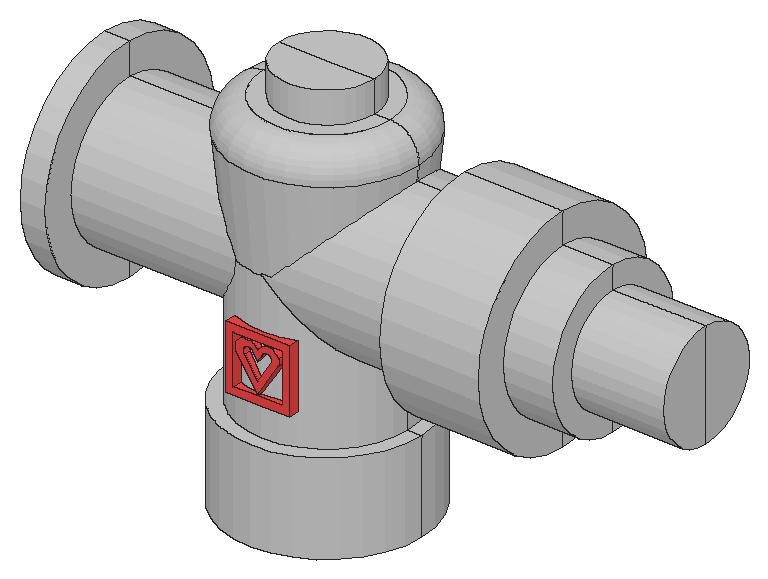
Revit family "HERZ-TS-98-VH Thermostatic Valve Reverse Angle Model 7628", category Rohrzubehör, Revit 2020
Family settings
  Bemaßung runder Anschluss = Durchmesser verwenden
  Teiletyp = Unterbricht
  OmniClass-Nummer = 23.65.55.14
  OmniClass-Titel = Valves for Liquid Services
  Arbeitsebenenbasiert = Nein
  Immer vertikal = Ja
  Beim Laden mit Abzugskörper schneiden = Nein
  Gemeinsam genutzt = Nein
Parameters
  Vorgabe-Ansicht = 0.000 mm
  URL = "www.herzvalves.com"
  Screw cap = "plastic, light grey"  # constant formula
  SCRNSEQ = "ARM;ARM_TYP=\"ALLF\";2"
  SCRNCODE = "05;00;02"  # constant formula
  S02 = L06 + L07 - L03  # 26.800 mm
  S01 = 10.000 mm  # constant formula
  R06 = 4.000 mm  # constant formula
  R05 = 13.500 mm  # constant formula
  R04 = 11.500 mm  # constant formula
  R03 = 9.000 mm  # constant formula
  R02 = 6.750 mm  # constant formula
  R01 = 7.000 mm  # constant formula
  Part number = 1762826  # constant formula
  Nennweite = 15.000 mm  # constant formula
  Model = "All models are nickel plated and supplied with a light gray screw cap."
  Medium = "Heating water purity according to Austrian standard ÖNORM H 5195 and/or VDI-guideline 2035."
  Max. operating temperature = 110 °C  # constant formula
  Max. operating pressure = 1000000.0 Pa  # constant formula
  LO1 = 16.000 mm  # constant formula
  L11 = L01 - L05  # 28.000 mm
  L10 = 7.500 mm  # constant formula
  L09 = 19.500 mm  # constant formula
  L08 = 13.200 mm  # constant formula
  L07 = 20.300 mm  # constant formula
  L06 = 14.000 mm  # constant formula
  L05 = 3.500 mm  # constant formula
  L04 = 28.000 mm  # constant formula
  L03 = 7.500 mm  # constant formula
  L02 = 27.000 mm  # constant formula
  L01 = 31.500 mm  # constant formula
  Hersteller = "HERZ Armaturen Ges.m.b.H."  # constant formula
  H04 = 12.900 mm  # constant formula
  H03 = 4.400 mm  # constant formula
  H02 = 22.350 mm  # constant formula
  H01 = 33.500 mm  # constant formula
  GT = 9.500 mm  # constant formula
  G2 = Nennweite / 2  # 7.500 mm
  G1 = Nennweite / 2  # 7.500 mm
  D08 = 5.300 mm  # constant formula
  D07 = 17.100 mm  # constant formula
  D06 = 10.650 mm  # constant formula
  D05 = 15.000 mm  # constant formula
  D04 = 9.525 mm  # constant formula
  D03 = 11.500 mm  # constant formula
  D02 = 10.500 mm  # constant formula
  D01 = 15.000 mm  # constant formula
  Connection thread for thermostatic head = "M30x1.5"  # constant formula
  Body = "nickel plated"  # constant formula
  Application = "Water heating systems in which hydraulic balancing via return valves is not possible or not desired"
Reference planes
  plane 1 "Mitte (Vorne/hinten)": y = 0
  plane 2: z = 0
  plane 3 "Mitte (Links/rechts)": x = 0
Forms (mm)
  Revolve 1, solid, material "Messing, weicher Gelbton, geschweißt", detail levels fine
    sketch origin (0, 0, 0) x (1, 0, 0) y (0, 0, 1)
      loop
        line (27, 0) -> (27, 9.525) -> (19.5, 9.525) -> (19.5, 11.5) -> (0, 11.5) -> (0, 10.5) -> (-28, 10.5) -> (-28, 15) -> (-31.5, 15) -> (-31.5, 0) -> (27, 0)
      axis (-31.5, 0) -> (27, 0)
    angle from 0 to 360
  Revolve 2, solid, material "Messing, weicher Gelbton, geschweißt", detail levels fine
    sketch origin (0, 0, 0) x (1, 0, 0) y (0, 0, 1)
      loop
        line (27, 0) -> (53.8, 0) -> (53.8, 7.5) -> (40.6, 7.5) -> (40.6, 10.65) -> (33.5, 10.65) -> (33.5, 15) -> (19.5, 15) -> (19.5, 9.525) -> (27, 9.525) -> (27, 0)
      axis (19.5, 0) -> (53.8, 0)
    angle from 0 to 360
  Revolve 3, solid, material "Messing, weicher Gelbton, geschweißt", detail levels fine
    sketch origin (0, 0, 0) x (1, 0, 0) y (0, 0, 1)
      loop
        line (0, 22.35) -> (0, -24) -> (7.5, -24) -> (7.5, -33.5) -> (13.5, -33.5) -> (13.5, -20.6) -> (11.5, -20.6) -> (11.5, 0) -> (12.969, 13.456)
        arc (12.969, 13.456) -> (11.998, 16.598) -> (9, 17.95) r 4
        line (9, 17.95) -> (6.75, 17.95) -> (6.75, 22.35) -> (0, 22.35)
      axis (0, 22.35) -> (0, -33.5)
    angle from 0 to 360
Lines and regions (mm)
  model lines, detail levels coarse+medium
    curve 1: line (0, 0, 0) -> (-13.5, 0, -33.5)
    curve 2: line (-13.5, 0, -33.5) -> (13.5, 0, -33.5)
    curve 3: line (13.5, 0, -33.5) -> (0, 0, 0)
    curve 4: line (0, 0, 0) -> (27, 0, 15)
    curve 5: line (27, 0, 15) -> (27, 0, -15)
    curve 6: line (27, 0, -15) -> (0, 0, 0)
    curve 7: line (0, 0, 0) -> (-31.5, 0, 0)
    curve 8: line (27, 0, 15) -> (37, 0, 15)
    curve 9: line (37, 0, 15) -> (27, 0, 0)
    curve 10: line (27, 0, -15) -> (37, 0, -15)
    curve 11: line (37, 0, -15) -> (27, 0, 0)
    curve 12: line (27, 0, 0) -> (53.8, 0, 0)
    curve 13: line (0, 0, 0) -> (-13.5, -33.5, 0)
    curve 14: line (-13.5, -33.5, 0) -> (13.5, -33.5, 0)
    curve 15: line (13.5, -33.5, 0) -> (0, 0, 0)
    curve 16: line (0, 0, 0) -> (27, 15, 0)
    curve 17: line (27, 15, 0) -> (27, -15, 0)
    curve 18: line (27, -15, 0) -> (0, 0, 0)
    curve 19: line (27, 15, 0) -> (37, 15, 0)
    curve 20: line (37, 15, 0) -> (27, 0, 0)
    curve 21: line (27, -15, 0) -> (37, -15, 0)
    curve 22: line (37, -15, 0) -> (27, 0, 0)
Dimensions and locks
  "D01": Revolve 1 sketch curve to Revolve 1 sketch curve
  "L05": Revolve 1 sketch curve to Revolve 1 sketch curve
  "D02": Revolve 1 sketch curve to Revolve 1 sketch curve
  "L01": plane 3 "Mitte (Links/rechts)" to Revolve 1 sketch curve
  "L02": plane 3 "Mitte (Links/rechts)" to Revolve 1 sketch curve
  "D03": Revolve 1 sketch curve to Revolve 1 sketch curve
  "D04": Revolve 1 sketch curve to Revolve 1 sketch curve
  "L04": Revolve 1 sketch curve to Revolve 1 sketch curve
  "L03": Revolve 1 sketch curve to Revolve 1 sketch curve
  "L06": Revolve 2 sketch curve to Revolve 2 sketch curve
  "L03": Revolve 2 sketch curve to Revolve 1
  "L02": Revolve 2 sketch curve to plane 3 "Mitte (Links/rechts)"
  "L07": Revolve 2 sketch curve to Revolve 2 sketch curve
  "L08": Revolve 2 sketch curve to Revolve 2 sketch curve
  "D04": Revolve 2 sketch curve to Revolve 2 sketch curve
  "D05": Revolve 2 sketch curve to Revolve 2 sketch curve
  "G2": Revolve 2 sketch curve to Revolve 2 sketch curve
  "D06": Revolve 2 sketch curve to Revolve 2 sketch curve
  "H01": plane 2 to Revolve 3 sketch curve
  "H02": Revolve 3 sketch curve to plane 2
  "R02": Revolve 3 sketch curve to Revolve 3 sketch curve
  "H03": Revolve 3 sketch curve to Revolve 3 sketch curve
  "H04": Revolve 3 sketch curve to Revolve 3 sketch curve
  "R05": Revolve 3 sketch curve to Revolve 3 sketch curve
  "R04": Revolve 3 sketch curve to Revolve 3 sketch curve
  "R03": Revolve 3 sketch curve to plane 3 "Mitte (Links/rechts)"
  "GT": Revolve 3 sketch curve to Revolve 3 sketch curve
  "G1": Revolve 3 sketch curve to Revolve 3 sketch curve
  "H01": plane 2 to curve 2
  "R05": curve 3 to plane 3 "Mitte (Links/rechts)" to curve 2
  "L02": curve 5 to plane 3 "Mitte (Links/rechts)"
  "D05": curve 8 to plane 2 to curve 10
  "S01": curve 5 to curve 9
  "S02": curve 12 to curve 12
  "L01": curve 7 to curve 7
  "H01": curve 14 to plane 1 "Mitte (Vorne/hinten)"
  "R05": curve 14 to plane 3 "Mitte (Links/rechts)" to curve 15
  "L02": plane 3 "Mitte (Links/rechts)" to curve 17
  "S01": curve 17 to curve 20
  "S01": curve 5 to curve 11
  "S01": curve 17 to curve 22
  "D05": curve 21 to plane 1 "Mitte (Vorne/hinten)" to curve 19
  "R04": nested 1 to plane 1 "Mitte (Vorne/hinten)"
  "LO1": plane 2 to nested 1
  "R06": radius of Revolve 3 sketch curve
  aligned and locked: level to plane 2
Automatic sketch dimensions
  curve 7 to level = 0.000 mm
  curve 1 to plane 3 "Mitte (Links/rechts)" = 0.000 mm
  curve 11 to level = 0.000 mm
  plane 1 "Mitte (Vorne/hinten)" to curve 13 = 0.000 mm
  curve 13 to plane 3 "Mitte (Links/rechts)" = 0.000 mm
  plane 1 "Mitte (Vorne/hinten)" to curve 20 = 0.000 mm
  Revolve 1 sketch curve to level = 0.000 mm  (x2)
  Revolve 1 sketch curve to Revolve 1 sketch curve = 1475.030 mm
  Revolve 1 sketch curve to Revolve 1 sketch curve = 1812.148 mm
  Revolve 2 sketch curve to level = 0.000 mm  (x2)
  Revolve 2 sketch curve to plane 3 "Mitte (Links/rechts)" = 1506.530 mm
  Revolve 2 sketch curve to Revolve 2 sketch curve = 1785.348 mm
  Revolve 3 sketch curve to plane 3 "Mitte (Links/rechts)" = 0.000 mm  (x2)
  Revolve 3 sketch curve to level = 0.000 mm
  Revolve 3 sketch curve to Revolve 3 sketch curve = 3.969 mm
  Revolve 3 sketch curve to Revolve 3 sketch curve = 332.545 mm
  Revolve 3 sketch curve to Revolve 3 sketch curve = 2191.965 mm
Nested families
  nested 1: "Herz-Logo-vorne" at (0, -11.5, -11.5) x (0, 1, 0) z (0, 0, 1), type "Herz-Logo-vorne"
Connectors
  piping at (53.8, 0, 0), diameter 15, driven by "Nennweite"
    settings: on Revolve 2, index 1, connector inside diameter 609.6 mm, connector length 0.000 mm, flow factor 0, pipe flow 0.0 L/s, pressure drop 0.0 Pa, fitting loss kfactor 0, connector angle 0.00°, fixture units 0, engagement length 0.000 mm, angle of deflection 0.00°, flow configuration 0, flow direction 2, fitting loss method 0, system type 7, joint type 0, gender type 0, connector reference index -1, connector utility 0, adjustable connector no, is connector primary yes, connector description ""
  piping at (0, 0, -24), diameter 15, driven by "Nennweite"
    settings: on Revolve 3, index 5, connector inside diameter 609.6 mm, connector length 0.000 mm, flow factor 0, pipe flow 0.0 L/s, pressure drop 0.0 Pa, fitting loss kfactor 0, connector angle 0.00°, fixture units 0, engagement length 0.000 mm, angle of deflection 0.00°, flow configuration 0, flow direction 1, fitting loss method 0, system type 7, joint type 0, gender type 0, connector reference index -1, connector utility 0, adjustable connector no, is connector primary no, connector description ""
Definition of nested family "Herz-Logo-vorne"
  Parameters (values of type "Herz-Logo-vorne")
    Default Elevation = 0.000 mm
  Reference planes
    plane 1 "Mitte (Vorne/hinten)": y = 0
    plane 2: z = 0
    plane 3 "Mitte (Links/rechts)": x = 0
  Forms (mm)
    Extrusion 1, solid
      sketch origin (0.732, -0.018, 0.017) x (0, -1, 0) y (0, 0, 1)
        loop
          line (-0.018, -4.517) -> (4.482, -4.517) -> (4.482, 4.483) -> (-4.518, 4.483) -> (-4.518, -4.517) -> (-0.018, -4.517)
        loop
          line (-0.05, -3.48) -> (3.482, -3.48) -> (3.482, 3.483) -> (-3.518, 3.483) -> (-3.518, -3.48) -> (-0.05, -3.48)
        loop
          arc (-0.018, 2.383) -> (-1.543, 3.287) -> (-3.067, 2.383) r 1.738
          arc (-3.067, 2.383) -> (-3.191, 1.899) -> (-3.067, 1.415) r 1.009
          line (-3.067, 1.415) -> (-0.018, -3.281) -> (3.032, 1.415)
          arc (3.032, 1.415) -> (3.156, 1.899) -> (3.032, 2.383) r 1.009
          arc (3.032, 2.383) -> (1.507, 3.287) -> (-0.018, 2.383) r 1.738
        loop
          arc (1.885, 1.272) -> (2.005, 1.675) -> (1.885, 2.079) r 0.74
          arc (1.885, 2.079) -> (1.265, 2.416) -> (0.644, 2.079) r 0.74
          line (0.644, 2.079) -> (-0.018, 0.97) -> (-0.679, 2.079)
          arc (-0.679, 2.079) -> (-1.3, 2.416) -> (-1.921, 2.079) r 0.74
          arc (-1.921, 2.079) -> (-2.04, 1.675) -> (-1.921, 1.272) r 0.74
          line (-1.921, 1.272) -> (-0.018, -1.658) -> (1.885, 1.272)
      from 0 to 1.5
  Dimensions and locks
    aligned and locked: level to plane 2
